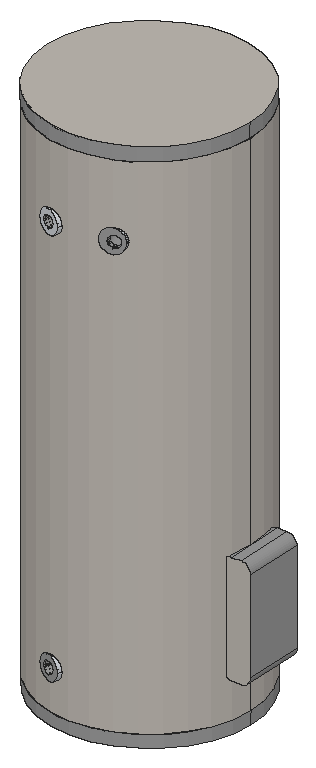
Revit family "Enamel elec 340L", category Generic Models, Revit 2021
Family settings
  Can host rebar = No
  Round Connector Dimension = Use Diameter
  Part Type = Normal
  Work Plane-Based = Yes
  Always vertical = Yes
  Cut with Voids When Loaded = No
  Shared = No
  Room Calculation Point = No
Parameters
  Default Elevation = 1219.2 mm
Reference planes
  plane 1 "Center (Front/Back)": y = 0
  plane 2: z = 0
  plane 3 "Center (Left/Right)": x = 0
Forms (mm)
  Extrusion 1, solid
    sketch origin (-11826.282, 0.442, 1.25) x (1, 0, 0) y (0, 1, 0)
      loop
        circle (11802.381, 3146.28) r 326
    from 0 to 1655.097
  Extrusion 2, solid
    sketch origin (395.717, 2994.323, 156.347) x (0.999848, 0.017452, 0) y (0, 0, 1)
      loop
        arc (-54.784, -30) -> (-33.571, -21.213) -> (-24.784, 0) r 30
        line (-24.784, 0) -> (-24.784, 297.572)
        arc (-24.784, 297.572) -> (-33.571, 318.785) -> (-54.784, 327.572) r 30
        line (-54.784, 327.572) -> (-84.999, 327.572)
        arc (-84.999, 327.572) -> (-106.212, 318.785) -> (-114.999, 297.572) r 30
        line (-114.999, 297.572) -> (-114.999, 0)
        arc (-114.999, 0) -> (-106.212, -21.213) -> (-84.999, -30) r 30
        line (-84.999, -30) -> (-54.784, -30)
    from -258.374 to -69.043
  Extrusion 3, solid
    sketch origin (-11826.815, -17.623, 0) x (1, 0, 0) y (0, 1, 0)
      loop
        circle (11803.756, 3164.776) r 326
    from -40 to 0
  Extrusion 4, solid
    sketch origin (-11849.87, -4.525, 1730) x (1, 0, 0) y (0, 1, 0)
      loop
        circle (11823.969, 3151.015) r 326
    from -73.653 to -30
  Extrusion 5, solid
    sketch origin (-108.183, 2809.447, -137.534) x (0.945519, 0.325568, 0) y (0, 0, 1)
      loop
        circle (208.16, 1560.773) r 38
    from 22.007 to 39.075
  Extrusion 6, void
    sketch origin (-89.835, 2774.422, -138.784) x (-0.945519, -0.325568, 0) y (0, 0, 1)
      loop
        circle (-207.948, 1560.667) r 20
    from -22.623 to 63.795
  Extrusion 7, solid
    sketch origin (124.838, 2817.708, -1432.027) x (-0.961262, 0.275637, 0) y (0, 0, -1)
      loop
        circle (207.816, -1562.5) r 38
    from 31.636 to 54.76
  Extrusion 8, void
    sketch origin (109.744, 2765.069, -1433.902) x (0.961262, -0.275637, 0) y (0, 0, -1)
      loop
        circle (-208.35, -1563.737) r 20
    from -31.301 to 92.493
  Extrusion 9, solid
    sketch origin (124.838, 2817.708, -142.027) x (-0.961262, 0.275637, 0) y (0, 0, -1)
      loop
        circle (207.816, -1562.5) r 38
    from 31.636 to 54.76
  Extrusion 10, void
    sketch origin (109.744, 2765.069, -143.902) x (0.961262, -0.275637, 0) y (0, 0, -1)
      loop
        circle (-208.35, -1563.737) r 20
    from -31.301 to 92.493
Cuts and joins
  Extrusion 6, Extrusion 8, Extrusion 10 cuts Extrusion 1
  Extrusion 6 cuts Extrusion 5
  Extrusion 8, Extrusion 10 cuts Extrusion 7
  Extrusion 10 cuts Extrusion 9
Dimensions and locks
  Extrusion 4 to Extrusion 3 = 1740 mm  (x2)
  Extrusion 2 to Extrusion 3 = 166.347 mm
  Extrusion 2 sketch curve to Extrusion 2 sketch curve = 357.572 mm
  cut or joined group of Extrusion 1, Extrusion 6, Extrusion 8, Extrusion 10 to cut or joined group of Extrusion 7, Extrusion 8, Extrusion 10 = 128.584 mm
  diameter of cut or joined group of Extrusion 1, Extrusion 6, Extrusion 8, Extrusion 10 = 652 mm
  aligned and locked: level to plane 2
  aligned and locked: Extrusion 1 to Extrusion 4
